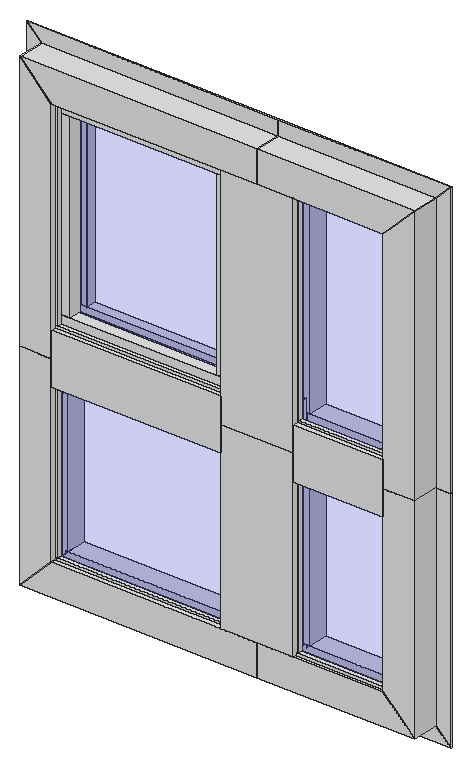
Revit family "511_PC-AT_nailfin", category Windows, host Wall, Revit 2016
Family settings
  Host = Wall
  OmniClass Number = 23.30.20.00
  OmniClass Title = Windows
  Always vertical = Yes
  Cut with Voids When Loaded = No
  Shared = No
  Room Calculation Point = No
Parameters (values of type "30x36")
  MLW4 = 1 / 8 * (Width - VBS)  # 1 1/2"
  MLW2 = 2.811"
  MLW1 = 3.249"
  MLW3 = 1 / 8 * (Height - HBS)  # 2 1/32"
  MLH = 1 / 2 * HBS  # 9 7/8"
  VBS = 18"
  Interior Color [instance] = White
  Height = 36"
  Exterior Color [instance] = White
  Default Sill Height = 31.49606"
  Wall Closure = By host
  Width = 30"
  HBS = 19 3/4"
Reference planes (in)
  plane 1 "Center (Front/Back)": y = 0
  plane 2 "Center (Left/Right)": x = 0
  plane 3 "Left": x = -15
  plane 4 "Right": x = 15
  plane 5 "Sill": z = 31.49606
  plane 6 "Head": z = 67.49606
  plane 7 "Exterior": y = 3.93701
  plane 8 "Interior": y = -3.93701
  plane 9 "Front of wall": y = 3.93701
  plane 10 "Bar Set": z = 47.74606
  plane 11 "MD": x = 3
  plane 12: z = 33.55806
  plane 13: z = 49.37006
  plane 14: z = 46.12306
  plane 15: z = 65.43645
  plane 16: z = 50.05656
  plane 17: z = 64.74656
  plane 18: x = -12.938
  plane 19: x = 12.938
  plane 20: x = -12.2505
  plane 21: x = -0.62422
  plane 22: x = -11.7505
  plane 23: x = 5.437
  plane 24: x = 0.56372
  plane 25 "Front of glass": y = 4.21901
Forms (in)
  Extrusion 1, solid, material "White" <- "Interior Color"
    sketch origin (3, 0, 0) x (0, 0, 1) y (0, 1, 0)
      loop
        line (33.87106, 1.88701) -> (33.87106, 2.26201) -> (34.05906, 2.26201) -> (34.05806, 2.51251) -> (33.55806, 2.51251) -> (33.55806, 3.25701) -> (34.06142, 3.25701) -> (34.06142, 4.78995) -> (32.14816, 4.78995) -> (32.06425, 5.38701) -> (31.47606, 5.38701) -> (31.47606, 5.26201) -> (31.51606, 5.26201) -> (31.51606, 5.10865) -> (31.49606, 5.07401) -> (31.49606, 4.01201) -> (30.37106, 4.01201) -> (30.37106, 3.93701) -> (31.49606, 3.93701) -> (31.49606, 1.88701) -> (33.87106, 1.88701)
    from 0 to 19.125
  Extrusion 2, solid, material "White" <- "Interior Color"
    sketch origin (15, 0, 0) x (0, -1, 0) y (0, 0, 1)
      loop
        line (-4.78995, 34.06142) -> (-4.78995, 32.14816) -> (-5.38701, 32.06425) -> (-5.38701, 31.47606) -> (-5.26201, 31.47606) -> (-5.26201, 31.51606) -> (-5.10865, 31.51606) -> (-5.07401, 31.49606) -> (-4.01201, 31.49606) -> (-4.01201, 30.37106) -> (-3.93701, 30.37106) -> (-3.93701, 31.49606) -> (-1.88701, 31.49606) -> (-1.88701, 33.87106) -> (-2.12324, 33.87106) -> (-2.12324, 34.05962) -> (-2.51251, 34.05806) -> (-2.51251, 33.55806) -> (-3.25701, 33.55806) -> (-3.25701, 34.06142) -> (-4.78995, 34.06142)
    from -1.125 to 12
  Extrusion 3, solid, material "White" <- "Interior Color"
    sketch origin (0, 0, 31.49606) x (0, -1, 0) y (1, 0, 0)
      loop
        line (-4.01201, -15) -> (-4.01201, -16.125) -> (-3.93701, -16.125) -> (-3.93701, -15) -> (-1.88701, -15) -> (-1.88701, -12.625) -> (-2.26201, -12.625) -> (-2.26201, -12.437) -> (-2.51251, -12.437) -> (-2.51251, -12.938) -> (-3.25701, -12.938) -> (-3.25701, -12.43465) -> (-4.78995, -12.43465) -> (-4.78995, -14.3479) -> (-5.38701, -14.43181) -> (-5.38701, -15.02) -> (-5.26201, -15.02) -> (-5.26201, -14.98) -> (-5.10257, -14.98) -> (-5.07401, -15) -> (-4.01201, -15)
    from -1.125 to 16.25
  Extrusion 4, solid, material "White" <- "Interior Color"
    sketch origin (0, 0, 31.49606) x (0, -1, 0) y (1, 0, 0)
      loop
        line (-4.78995, 14.3479) -> (-4.78995, 12.43388) -> (-3.25701, 12.43388) -> (-3.25701, 12.938) -> (-2.51251, 12.938) -> (-2.51251, 12.438) -> (-2.26201, 12.438) -> (-2.26201, 12.625) -> (-1.88701, 12.625) -> (-1.88701, 15) -> (-3.93701, 15) -> (-3.93701, 16.125) -> (-4.01201, 16.125) -> (-4.01201, 15) -> (-5.07401, 15) -> (-5.10257, 14.98) -> (-5.26201, 14.98) -> (-5.26201, 15.02) -> (-5.38701, 15.02) -> (-5.38701, 14.43181) -> (-4.78995, 14.3479)
    from -1.125 to 16.25
  Sweep 5, void
    path in 3D
      loop
        line (11.89445, 8.88043, 47.74606) -> (11.89445, 3.93701, 47.74606)
    profile origin (11.89445, 6.40872, 47.74606) x (1, 0, 0) y (0, 0, 1)
      loop
        line (-0.96264, 2.7495) -> (-0.96264, -2.12731) -> (2.45345, -2.12731) -> (2.45345, -0.21078) -> (2.53736, -0.12687) -> (2.53736, 0.1307) -> (0.48105, 2.18701) -> (0.48105, 2.7495) -> (-0.96264, 2.7495)
  Sweep 6, void
    path in 3D
      loop
        line (-9.04638, 8.55906, 47.74606) -> (-9.04638, 3.93701, 47.74606)
    profile origin (-9.04638, 6.24804, 47.74606) x (1, 0, 0) y (0, 0, 1)
      loop
        line (-5.30152, 2.12678) -> (-5.30152, -2.12721) -> (-3.29917, -2.12721) -> (-3.29917, 2.12678) -> (-5.30152, 2.12678)
  Sweep 7, void
    path in 3D
      loop
        line (-10.10379, 8.75385, 31.49606) -> (-10.10379, 3.93701, 31.49606)
    profile origin (-10.10379, 6.34543, 31.49606) x (1, 0, 0) y (0, 0, 1)
      loop
        line (-6.25297, -1.35676) -> (-1.915, -1.35676) -> (-1.915, 2.56535) -> (-4.24411, 2.56535) -> (-4.24411, 0.6521) -> (-6.25297, -1.35676)
  Sweep 8, void
    path in 3D
      loop
        line (-10.10379, 8.75385, 31.49606) -> (-10.10379, 3.93701, 31.49606)
    profile origin (-10.10379, 6.34543, 31.49606) x (1, 0, 0) y (0, 0, 1)
      loop
        line (-6.40009, -1.50388) -> (-4.24411, 0.6521) -> (-4.24411, 3.1521) -> (-6.40009, 3.1521) -> (-6.40009, -1.50388)
  Sweep 9, void
    path in 3D
      loop
        line (3.52238, 8.88043, 31.49606) -> (3.52238, 3.93701, 31.49606)
    profile origin (3.52238, 6.40872, 31.49606) x (1, 0, 0) y (0, 0, 1)
      loop
        line (3.18543, 2.56535) -> (0.50472, 2.56535) -> (0.50472, 0.56819) -> (-1.54948, 0.56819) -> (-1.54948, 2.56535) -> (-4.81457, 2.56535) -> (-4.81457, -2.18465) -> (3.18543, -2.18465) -> (3.18543, 2.56535)
  Sweep 10, void
    path in 3D
      loop
        line (11.14445, 9.10453, 31.49606) -> (11.14445, 3.93701, 31.49606)
    profile origin (11.14445, 6.52077, 31.49606) x (1, 0, 0) y (0, 0, 1)
      loop
        line (0.84583, 2.56535) -> (0.84583, -1.24027) -> (5.09583, -1.24027) -> (3.28736, 0.56819) -> (3.20345, 0.56819) -> (3.20345, 2.56535) -> (0.84583, 2.56535)
  Sweep 11, void
    path in 3D
      loop
        line (11.14445, 9.10453, 31.49606) -> (11.14445, 3.93701, 31.49606)
    profile origin (11.14445, 6.52077, 31.49606) x (1, 0, 0) y (0, 0, 1)
      loop
        line (3.28736, 3.06535) -> (3.28736, 0.56819) -> (5.40868, -1.55313) -> (5.40868, 3.06535) -> (3.28736, 3.06535)
  Extrusion 12, void
    sketch origin (0, 3.93701, 0) x (1, 0, 0) y (0, 0, 1)
      loop
        line (12.625, 33.87106) -> (16.55313, 29.94293) -> (16.55313, 34.25889) -> (12.625, 34.25889) -> (12.625, 33.87106)
    from 0 to 12
  Extrusion 13, void
    sketch origin (0, 3.93701, 0) x (1, 0, 0) y (0, 0, 1)
      loop
        line (12.625, 33.87106) -> (12.625, 34.05906) -> (11.875, 34.05906) -> (11.875, 29.7824) -> (16.71366, 29.7824) -> (12.625, 33.87106)
    from 0 to 12
  Extrusion 14, void
    sketch origin (0, 3.93701, 0) x (1, 0, 0) y (0, 0, 1)
      loop
        line (-12.00903, 34.05906) -> (-12.625, 34.05906) -> (-12.625, 33.87106) -> (-16.35676, 30.13931) -> (-12.00903, 30.13931) -> (-12.00903, 34.05906)
    from 0 to 12
  Extrusion 15, void
    sketch origin (0, 3.93701, 0) x (1, 0, 0) y (0, 0, 1)
      loop
        line (-12.625, 34.46941) -> (-17.2487, 34.46941) -> (-17.2487, 29.24736) -> (-12.625, 33.87106) -> (-12.625, 34.46941)
    from 0 to 12
  Extrusion 16, solid, material "Glass"
    sketch origin (0, 0.962, 47.74606) x (1, 0, 0) y (0, 1, 0)
      loop
        line (0.56372, 3.25701) -> (-12.2505, 3.25701) -> (-12.2505, 2.51251) -> (0.56372, 2.51251) -> (0.56372, 3.25701)
    from 2.3105 to 17.0005
  Extrusion 17, solid, material "Glass"
    sketch origin (0, -0.962, 47.74606) x (1, 0, 0) y (0, 1, 0)
      loop
        line (12.938, 4.21901) -> (5.437, 4.21901) -> (5.437, 3.47451) -> (12.938, 3.47451) -> (12.938, 4.21901)
    from 1.624 to 17.69039
  Extrusion 18, solid, material "Glass"
    sketch origin (0, 0, 31.49606) x (0, -1, 0) y (1, 0, 0)
      loop
        line (-3.25701, -12.938) -> (-2.51251, -12.938) -> (-2.51251, 0.56372) -> (-3.25701, 0.56372) -> (-3.25701, -12.938)
    from 2.062 to 14.627
  Extrusion 19, solid, material "Glass"
    sketch origin (0, 0, 31.49606) x (0, -1, 0) y (1, 0, 0)
      loop
        line (-3.25701, 5.437) -> (-2.51251, 5.437) -> (-2.51251, 12.938) -> (-3.25701, 12.938) -> (-3.25701, 5.437)
    from 2.062 to 14.627
  Extrusion 20, solid, material "White" <- "Interior Color"
    sketch origin (0, 0, 67.49606) x (0, -1, 0) y (1, 0, 0)
      loop
        line (-4.25701, -11.8125) -> (-4.99701, -11.8125) -> (-4.99701, -12.3755) -> (-5.03701, -12.3755) -> (-5.03701, -14.38262) -> (-5.38701, -14.43181) -> (-5.38701, -15.02) -> (-5.26201, -15.02) -> (-5.26201, -14.98) -> (-5.10257, -14.98) -> (-5.07401, -15) -> (-4.01201, -15) -> (-4.01201, -16.125) -> (-3.93701, -16.125) -> (-3.93701, -15) -> (-1.88766, -15) -> (-1.88766, -12.625) -> (-2.26201, -12.625) -> (-2.26201, -12.437) -> (-2.51251, -12.437) -> (-2.51251, -11.7505) -> (-3.47451, -11.7505) -> (-3.47451, -12.2505) -> (-4.21901, -12.2505) -> (-4.21901, -11.7882) -> (-4.25701, -11.8125)
    from 1.125 to -19.75
  Extrusion 21, solid, material "White" <- "Interior Color"
    sketch origin (0, 0, 67.49606) x (0, -1, 0) y (1, 0, 0)
      loop
        line (-5.26201, 14.98) -> (-5.26201, 15.02) -> (-5.38701, 15.02) -> (-5.38701, 14.43181) -> (-4.78995, 14.3479) -> (-4.78995, 12.43465) -> (-3.25701, 12.43465) -> (-3.25701, 12.938) -> (-2.51251, 12.938) -> (-2.51251, 12.43465) -> (-2.26201, 12.43465) -> (-2.26201, 12.625) -> (-1.88701, 12.625) -> (-1.88701, 15) -> (-3.93701, 15) -> (-3.93701, 16.125) -> (-4.01201, 16.125) -> (-4.01201, 15) -> (-5.07401, 15) -> (-5.10865, 14.98) -> (-5.26201, 14.98)
    from 1.125 to -19.75
  Extrusion 22, solid, material "White" <- "Interior Color"
    sketch origin (3, 0, 0) x (0, 0, 1) y (0, 1, 0)
      loop
        line (49.93307, 5.03701) -> (47.92544, 5.03701) -> (47.8875, 5.30701) -> (47.60463, 5.30701) -> (47.53197, 4.78999) -> (45.61876, 4.78999) -> (45.61876, 3.25701) -> (46.12306, 3.25701) -> (46.12306, 2.51251) -> (45.62206, 2.51251) -> (45.62089, 2.26201) -> (45.80906, 2.26201) -> (45.80906, 1.88701) -> (49.68306, 1.88701) -> (49.68306, 2.26201) -> (49.87106, 2.26201) -> (49.87106, 2.58701) -> (50.4819, 2.58701) -> (50.4819, 3.47451) -> (50.05656, 3.47451) -> (50.05656, 4.21901) -> (50.51986, 4.21901) -> (50.49556, 4.25701) -> (50.49556, 4.99701) -> (49.93307, 4.99701) -> (49.93307, 5.03701)
    from 0 to 18
  Extrusion 23, solid, material "White" <- "Interior Color"
    sketch origin (3, 0, 0) x (0, 0, 1) y (0, 1, 0)
      loop
        line (66.87868, 5.03701) -> (64.87156, 5.03701) -> (64.87156, 4.99701) -> (64.30847, 4.99701) -> (64.30847, 4.25691) -> (64.28424, 4.21901) -> (64.74656, 4.21901) -> (64.74656, 3.47451) -> (64.24656, 3.47451) -> (64.24656, 2.58701) -> (64.93306, 2.58701) -> (64.93306, 2.26201) -> (65.12106, 2.26201) -> (65.12106, 1.88701) -> (67.49606, 1.88701) -> (67.49606, 3.93701) -> (68.62106, 3.93701) -> (68.62106, 4.01201) -> (67.49606, 4.01201) -> (67.49606, 5.07401) -> (67.47606, 5.09784) -> (67.47606, 5.26201) -> (67.51606, 5.26201) -> (67.51606, 5.38701) -> (66.92787, 5.38701) -> (66.87868, 5.03701)
    from 19.125 to 0
  Extrusion 24, solid, material "White" <- "Interior Color"
    sketch origin (3, 0, 0) x (0, 0, 1) y (0, 1, 0)
      loop
        line (49.87285, 3.25701) -> (49.87285, 4.78999) -> (47.96017, 4.78999) -> (47.8875, 5.30701) -> (47.60463, 5.30701) -> (47.53195, 4.78988) -> (45.61885, 4.78988) -> (45.61885, 3.25701) -> (46.12306, 3.25701) -> (46.12306, 2.51251) -> (45.62206, 2.51251) -> (45.62206, 2.26201) -> (45.80906, 2.26201) -> (45.80906, 1.88701) -> (49.68306, 1.88701) -> (49.68306, 2.26201) -> (49.87106, 2.26201) -> (49.87006, 2.51251) -> (49.37006, 2.51251) -> (49.37006, 3.25701) -> (49.87285, 3.25701)
    from 0 to -12
  Extrusion 25, solid, material "White" <- "Interior Color"
    sketch origin (3, 0, 0) x (0, 0, 1) y (0, 1, 0)
      loop
        line (65.43645, 2.51251) -> (64.93406, 2.51251) -> (64.93306, 2.26201) -> (65.12106, 2.26201) -> (65.12106, 1.88701) -> (67.49606, 1.88701) -> (67.49606, 3.93701) -> (68.62106, 3.93701) -> (68.62106, 4.01201) -> (67.49606, 4.01201) -> (67.49606, 5.07401) -> (67.47606, 5.10865) -> (67.47606, 5.26201) -> (67.51606, 5.26201) -> (67.51606, 5.38701) -> (66.92787, 5.38701) -> (66.84396, 4.78995) -> (64.93071, 4.78995) -> (64.93071, 3.25701) -> (65.43645, 3.25701) -> (65.43645, 2.51251)
    from 0 to -13.125
  Sweep 26, void
    path in 3D
      loop
        line (10.65964, 9.24338, 67.49606) -> (10.65964, 3.93701, 67.49606)
    profile origin (10.65964, 6.59019, 67.49606) x (1, 0, 0) y (0, 0, 1)
      loop
        line (1.55958, -2.562) -> (3.68826, -2.562) -> (3.68826, -0.6521) -> (5.80958, 1.46922) -> (1.55958, 1.46922) -> (1.55958, -2.562)
  Sweep 27, void
    path in 3D
      loop
        line (10.65964, 9.24338, 67.49606) -> (10.65964, 3.93701, 67.49606)
    profile origin (10.65964, 6.59019, 67.49606) x (1, 0, 0) y (0, 0, 1)
      loop
        line (6.18826, 1.8479) -> (3.68826, -0.6521) -> (3.68826, -2.6521) -> (6.18826, -2.6521) -> (6.18826, 1.8479)
  Sweep 28, void
    path in 3D
      loop
        line (11.89445, 8.88043, 47.74606) -> (11.89445, 3.93701, 47.74606)
    profile origin (11.89445, 6.40872, 47.74606) x (1, 0, 0) y (0, 0, 1)
      loop
        line (-0.32058, 2.124) -> (-0.32058, -2.124) -> (2.45345, -2.124) -> (2.45345, 2.124) -> (-0.32058, 2.124)
  Sweep 29, void
    path in 3D
      loop
        line (11.89445, 8.88043, 47.74606) -> (11.89445, 3.93701, 47.74606)
    profile origin (11.89445, 6.40872, 47.74606) x (1, 0, 0) y (0, 0, 1)
      loop
        line (2.76464, -2.9053) -> (6.26464, -2.9053) -> (6.26464, 3.8447) -> (2.76464, 3.8447) -> (2.76464, -2.9053)
  Sweep 30, void
    path in 3D
      loop
        line (-9.04638, 8.55906, 47.74606) -> (-9.04638, 3.93701, 47.74606)
    profile origin (-9.04638, 6.24804, 47.74606) x (1, 0, 0) y (0, 0, 1)
      loop
        line (-3.32912, 2.1865) -> (-5.33624, 0.17938) -> (-5.33624, 0) -> (-2.33624, 0) -> (-2.33624, 2.7495) -> (-3.32912, 2.7495) -> (-3.32912, 2.1865)
  Sweep 31, void
    path in 3D
      loop
        line (-9.04638, 8.55906, 47.74606) -> (-9.04638, 3.93701, 47.74606)
    profile origin (-9.04638, 6.24804, 47.74606) x (1, 0, 0) y (0, 0, 1)
      loop
        line (-5.38543, 0.13019) -> (-3.32912, 2.1865) -> (-3.32912, 3.60292) -> (-6.18293, 3.60292) -> (-6.18293, -2.36981) -> (-5.38543, -2.36981) -> (-5.38543, 0.13019)
  Sweep 32, void
    path in 3D
      loop
        line (-10.92648, 8.93799, 67.49606) -> (-10.92648, 3.93701, 67.49606)
    profile origin (-10.92648, 6.4375, 67.49606) x (1, 0, 0) y (0, 0, 1)
      loop
        line (-5.41083, 1.33731) -> (-1.44902, -2.6245) -> (-1.44902, -3.18759) -> (0, -3.18759) -> (0, 1.33731) -> (-5.41083, 1.33731)
  Sweep 33, void
    path in 3D
      loop
        line (-10.92648, 8.93799, 67.49606) -> (-10.92648, 3.93701, 67.49606)
    profile origin (-10.92648, 6.4375, 67.49606) x (1, 0, 0) y (0, 0, 1)
      loop
        line (-5.94902, 1.8755) -> (-5.94902, -4.19924) -> (-1.44902, -4.19924) -> (-1.44902, -2.6245) -> (-5.94902, 1.8755)
  Extrusion 34, void
    sketch origin (0, 3.93701, 0) x (1, 0, 0) y (0, 0, 1)
      loop
        line (-16.437, 68.93306) -> (-12.625, 65.12106) -> (-12.625, 64.93306) -> (-12.437, 64.93306) -> (-12.437, 64.24656) -> (-10.92648, 64.24656) -> (-10.92648, 68.93306) -> (-16.437, 68.93306)
    from 0 to 12
  Extrusion 35, void
    sketch origin (0, 3.93701, 0) x (1, 0, 0) y (0, 0, 1)
      loop
        line (-16.375, 68.87106) -> (-16.375, 63.21601) -> (-12.625, 63.21601) -> (-12.625, 65.12106) -> (-16.375, 68.87106)
    from 0 to 12
  Extrusion 36, void
    sketch origin (0, 3.93701, 0) x (1, 0, 0) y (0, 0, 1)
      loop
        line (16.75, 69.24606) -> (12.09958, 69.24606) -> (12.09958, 64.93306) -> (12.625, 64.93306) -> (12.625, 65.12106) -> (16.75, 69.24606)
    from 0 to 12
  Extrusion 37, void
    sketch origin (0, 3.93701, 0) x (1, 0, 0) y (0, 0, 1)
      loop
        line (16.37203, 68.8681) -> (12.625, 65.12106) -> (12.625, 63.12106) -> (16.37203, 63.12106) -> (16.37203, 68.8681)
    from 0 to 12
  Extrusion 38, void
    sketch origin (0, 3.93701, 0) x (1, 0, 0) y (0, 0, 1)
      loop
        line (11.89445, 49.87106) -> (11.89445, 45.62206) -> (12.625, 45.62206) -> (12.625, 49.87106) -> (11.89445, 49.87106)
    from 0 to 12
  Extrusion 39, void
    sketch origin (0, 3.93701, 0) x (1, 0, 0) y (0, 0, 1)
      loop
        line (12.625, 45.08338) -> (15.54615, 45.08338) -> (15.54615, 50.4819) -> (12.625, 50.4819) -> (12.625, 45.08338)
    from 0 to 12
  Extrusion 40, void
    sketch origin (0, 3.93701, 0) x (1, 0, 0) y (0, 0, 1)
      loop
        line (-11.10627, 50.55756) -> (-12.437, 50.55756) -> (-12.437, 49.87106) -> (-12.625, 49.87106) -> (-12.625, 45.62089) -> (-11.10627, 45.62089) -> (-11.10627, 50.55756)
    from 0 to 12
  Extrusion 41, void
    sketch origin (0, 3.93701, 0) x (1, 0, 0) y (0, 0, 1)
      loop
        line (-12.625, 44.78016) -> (-12.625, 50.28016) -> (-16.375, 50.28016) -> (-16.375, 44.78016) -> (-12.625, 44.78016)
    from 0 to 12
  Extrusion 42, solid, material "White" <- "Interior Color"
    sketch origin (0, 0, 47.74606) x (1, 0, 0) y (0, 1, 0)
      loop
        line (5.75053, 2.26201) -> (5.93728, 2.26201) -> (5.93728, 2.51251) -> (5.437, 2.51251) -> (5.437, 3.25701) -> (5.94063, 3.25701) -> (5.94063, 4.78995) -> (4.02738, 4.78995) -> (3.94291, 5.38701) -> (2.05709, 5.38701) -> (2.00818, 5.03901) -> (0.00019, 5.03901) -> (0.00019, 4.99701) -> (-0.56222, 4.99701) -> (-0.56222, 4.25701) -> (-0.58652, 4.21901) -> (0.56372, 4.21901) -> (0.56372, 3.47451) -> (-0.62422, 3.47451) -> (-0.62422, 2.58667) -> (0.05965, 2.58667) -> (0.05965, 2.26201) -> (0.25028, 2.26201) -> (0.25028, 1.88701) -> (5.75053, 1.88701) -> (5.75053, 2.26201)
    from 0 to 19.75
  Sweep 43, void
    path in 3D
      loop
        line (2.21868, 8.7863, 47.74606) -> (2.21868, 3.93701, 47.74606)
    profile origin (2.21868, 6.36165, 47.74606) x (1, 0, 0) y (0, 0, 1)
      loop
        line (-2.21849, 2.18709) -> (-2.21849, 2.7495) -> (-3.66159, 2.7495) -> (-3.66159, -2.12731) -> (-0.24578, -2.12731) -> (-0.24578, -0.22562) -> (-0.16159, -0.14143) -> (-0.16159, 0.13019) -> (-2.21849, 2.18709)
  Sweep 44, void
    path in 3D
      loop
        line (2.21868, 8.7863, 47.74606) -> (2.21868, 3.93701, 47.74606)
    profile origin (2.21868, 6.36165, 47.74606) x (1, 0, 0) y (0, 0, 1)
      loop
        line (-2.21849, 2.18709) -> (-0.16159, 0.13019) -> (-0.16159, 3.03017) -> (-2.21849, 3.03017) -> (-2.21849, 2.18709)
  Sweep 45, void
    path in 3D
      loop
        line (2.21868, 8.7863, 47.74606) -> (2.21868, 3.93701, 47.74606)
    profile origin (2.21868, 6.36165, 47.74606) x (1, 0, 0) y (0, 0, 1)
      loop
        line (4.8087, 2.12678) -> (1.8087, 2.12678) -> (1.8087, -2.12721) -> (4.8087, -2.12721) -> (4.8087, 2.12678)
  Sweep 46, void
    path in 3D
      loop
        line (-1.3166, 9.24338, 67.49606) -> (-1.3166, 3.93701, 67.49606)
    profile origin (-1.3166, 6.59019, 67.49606) x (1, 0, 0) y (0, 0, 1)
      loop
        line (0.01307, -3.18759) -> (1.31678, -3.18759) -> (1.31678, -2.6245) -> (3.40134, -0.53994) -> (0.01307, -0.53994) -> (0.01307, -3.18759)
  Extrusion 47, void
    sketch origin (0, 3.93701, 0) x (1, 0, 0) y (0, 0, 1)
      loop
        line (-1.62422, 64.24656) -> (0.05965, 64.24656) -> (0.05965, 64.93306) -> (0.25028, 64.93306) -> (0.25028, 65.12106) -> (5.75053, 65.12106) -> (5.75053, 64.93306) -> (7.10648, 64.93306) -> (7.10648, 69.43306) -> (-1.62422, 69.43306) -> (-1.62422, 64.24656)
    from 0 to 12
  Extrusion 48, void
    sketch origin (0, 3.93701, 0) x (1, 0, 0) y (0, 0, 1)
      loop
        line (-1.12422, 50.55756) -> (-1.12422, 45.61876) -> (0.25028, 45.61876) -> (0.25028, 49.87106) -> (0.05965, 49.87106) -> (0.05965, 50.55756) -> (-1.12422, 50.55756)
    from 0 to 12
  Extrusion 49, void
    sketch origin (0, 3.93701, 0) x (1, 0, 0) y (0, 0, 1)
      loop
        line (5.75053, 49.87106) -> (5.75053, 45.62206) -> (9.23158, 45.62206) -> (9.23158, 49.87106) -> (5.75053, 49.87106)
    from 0 to 12
  Extrusion 50, void
    sketch origin (0, 3.93701, 0) x (1, 0, 0) y (0, 0, 1)
      loop
        line (0.25028, 50.88526) -> (0.25028, 45.04213) -> (5.75, 45.04213) -> (5.75, 50.88526) -> (0.25028, 50.88526)
    from 0 to 12
  Sweep 51, void
    path in 3D
      loop
        line (-1.3166, 9.24338, 67.49606) -> (-1.3166, 3.93701, 67.49606)
    profile origin (-1.3166, 6.59019, 67.49606) x (1, 0, 0) y (0, 0, 1)
      loop
        line (1.31678, -2.62511) -> (1.31678, -3.43273) -> (3.37368, -3.43273) -> (3.37368, -0.56821) -> (1.31678, -2.62511)
  Sweep 52, void
    path in 3D
      loop
        line (-1.3166, 9.24338, 67.49606) -> (-1.3166, 3.93701, 67.49606)
    profile origin (-1.3166, 6.59019, 67.49606) x (1, 0, 0) y (0, 0, 1)
      loop
        line (7.50723, -2.56535) -> (7.50723, 1.68181) -> (0.3166, 1.68181) -> (0.3166, -0.56819) -> (5.34397, -0.56819) -> (5.34397, -2.56535) -> (7.50723, -2.56535)
  Extrusion 53, solid, material "White" <- "Interior Color"
    sketch origin (0, 0, 31.49606) x (0, -1, 0) y (1, 0, 0)
      loop
        line (-2.26201, 0.25) -> (-1.88701, 0.25) -> (-1.88701, 5.75) -> (-2.26201, 5.75) -> (-2.26201, 5.94035) -> (-2.51251, 5.94035) -> (-2.51251, 5.437) -> (-3.25701, 5.437) -> (-3.25701, 5.94035) -> (-4.78995, 5.94035) -> (-4.78995, 4.0271) -> (-5.38701, 3.94319) -> (-5.38701, 2.05681) -> (-4.78995, 1.9729) -> (-4.78995, 0.05965) -> (-3.25701, 0.05965) -> (-3.25701, 0.56372) -> (-2.51251, 0.56372) -> (-2.51251, 0.05965) -> (-2.26201, 0.05965) -> (-2.26201, 0.25)
    from 0 to 16.25
  Extrusion 54, void
    sketch origin (0, 3.93701, 0) x (1, 0, 0) y (0, 0, 1)
      loop
        line (0.25, 33.87106) -> (0.25, 34.05906) -> (0.05965, 34.05906) -> (0.05965, 27.86626) -> (5.94035, 27.86626) -> (5.94035, 34.05962) -> (5.75, 34.05962) -> (5.75, 33.87106) -> (0.25, 33.87106)
    from 0 to 12
Cuts and joins
  Sweep 5, Sweep 10, Extrusion 13, Sweep 28, Extrusion 38 cuts Extrusion 4
  Sweep 6, Sweep 7, Extrusion 14, Sweep 30, Extrusion 40 cuts Extrusion 3
  Sweep 8, Extrusion 15 cuts Extrusion 1
  Sweep 11, Extrusion 12 cuts Extrusion 2
  Sweep 33, Extrusion 35, Sweep 51 cuts Extrusion 23
  Sweep 26, Sweep 28, Extrusion 36, Extrusion 38 cuts Extrusion 21
  Sweep 27, Extrusion 37 cuts Extrusion 25
  Sweep 29, Extrusion 39, Extrusion 50 cuts Extrusion 24
  Sweep 31, Extrusion 41, Sweep 44, Extrusion 50 cuts Extrusion 22
  Sweep 30, Sweep 32, Extrusion 34, Extrusion 40 cuts Extrusion 20
  Extrusion 36, Extrusion 37, Extrusion 38, Extrusion 39, Extrusion 47, Extrusion 50 cuts Extrusion 17
  Extrusion 38, Extrusion 39 cuts Extrusion 19
  Extrusion 41, Extrusion 48 cuts Extrusion 18
  Sweep 43, Sweep 45, Sweep 46, Extrusion 47, Extrusion 48, Extrusion 49, Sweep 52 cuts Extrusion 42
  Sweep 46, Extrusion 47, Extrusion 48, Extrusion 50, Sweep 51 cuts Extrusion 16
  Sweep 9, Sweep 43, Sweep 45, Extrusion 49, Extrusion 54 cuts Extrusion 53
Lines and regions (in)
  Opening 1
    outline origin (137.79528, -3.93701, 0) x (1, 0, 0) y (0, 0, 1)
      loop
        line (-122.79528, 31.49606) -> (-122.79528, 67.49606) -> (-152.79528, 67.49606) -> (-152.79528, 31.49606) -> (-122.79528, 31.49606)
  model lines
    curve 1: line (-12.938, 2.51251, 31.49606) -> (0.312, 2.51251, 31.49606)
    curve 2: line (0.312, 2.51251, 31.49606) -> (13.812, 2.51251, 31.49606)
    curve 35: line (-0.62422, 4.21901, 64.24706) -> (-11.7505, 4.21901, 57.62106)
    curve 36: line (-11.7505, 4.21901, 57.62106) -> (-0.62422, 4.21901, 50.55706)
    curve 41: line (11.5, 3.93701, 60.12106) -> (6.5, 3.93701, 55.12106)
    curve 42: line (6.5, 3.93701, 57.62106) -> (9, 3.93701, 60.12106)
    curve 43: line (9, 3.93701, 55.12106) -> (11.5, 3.93701, 57.62106)
    curve 50: line (11.5, 3.93701, 42.12106) -> (6.5, 3.93701, 37.12106)
    curve 51: line (6.5, 3.93701, 39.62106) -> (9, 3.93701, 42.12106)
    curve 52: line (9, 3.93701, 37.12106) -> (11.5, 3.93701, 39.62106)
    curve 59: line (-3.5, 3.93701, 42.12106) -> (-8.5, 3.93701, 37.12106)
    curve 60: line (-8.5, 3.93701, 39.62106) -> (-6, 3.93701, 42.12106)
    curve 61: line (-6, 3.93701, 37.12106) -> (-3.5, 3.93701, 39.62106)
  reference lines
    curve 3: line (-10.92648, 8.93799, 67.49606) -> (-10.92648, 3.93701, 67.49606)
    curve 4: line (-10.10379, 8.75385, 31.49606) -> (-10.10379, 3.93701, 31.49606)
    curve 5: line (-9.04638, 8.55906, 47.74606) -> (-9.04638, 3.93701, 47.74606)
    curve 6: line (-1.3166, 9.24338, 67.49606) -> (-1.3166, 3.93701, 67.49606)
    curve 7: line (3.52238, 8.88043, 31.49606) -> (3.52238, 3.93701, 31.49606)
    curve 8: line (10.65964, 9.24338, 67.49606) -> (10.65964, 3.93701, 67.49606)
    curve 9: line (11.14445, 9.10453, 31.49606) -> (11.14445, 3.93701, 31.49606)
    curve 10: line (11.89445, 8.88043, 47.74606) -> (11.89445, 3.93701, 47.74606)
    curve 26: line (2.21868, 8.7863, 47.74606) -> (2.21868, 3.93701, 47.74606)
    curve 33: line (-0.62422, 3.93701, 64.24706) -> (-11.7505, 3.93701, 57.62106)
    curve 34: line (-11.7505, 3.93701, 57.62106) -> (-0.62422, 3.93701, 50.55706)
    curve 37: line (11.5, 3.93701, 60.12106) -> (6.5, 3.93701, 60.12106)
    curve 38: line (11.5, 3.93701, 55.12106) -> (11.5, 3.93701, 60.12106)
    curve 39: line (6.5, 3.93701, 55.12106) -> (11.5, 3.93701, 55.12106)
    curve 40: line (6.5, 3.93701, 60.12106) -> (6.5, 3.93701, 55.12106)
    curve 44: line (9, 3.93701, 55.12106) -> (9, 3.93701, 61.62106)
    curve 45: line (11.5, 3.93701, 57.62106) -> (4, 3.93701, 57.62106)
    curve 46: line (11.5, 3.93701, 42.12106) -> (6.5, 3.93701, 42.12106)
    curve 47: line (11.5, 3.93701, 37.12106) -> (11.5, 3.93701, 42.12106)
    curve 48: line (6.5, 3.93701, 37.12106) -> (11.5, 3.93701, 37.12106)
    curve 49: line (6.5, 3.93701, 42.12106) -> (6.5, 3.93701, 37.12106)
    curve 53: line (9, 3.93701, 37.12106) -> (9, 3.93701, 43.62106)
    curve 54: line (11.5, 3.93701, 39.62106) -> (4, 3.93701, 39.62106)
    curve 55: line (-3.5, 3.93701, 42.12106) -> (-8.5, 3.93701, 42.12106)
    curve 56: line (-3.5, 3.93701, 37.12106) -> (-3.5, 3.93701, 42.12106)
    curve 57: line (-8.5, 3.93701, 37.12106) -> (-3.5, 3.93701, 37.12106)
    curve 58: line (-8.5, 3.93701, 42.12106) -> (-8.5, 3.93701, 37.12106)
    curve 62: line (-6, 3.93701, 37.12106) -> (-6, 3.93701, 43.62106)
    curve 63: line (-3.5, 3.93701, 39.62106) -> (-11, 3.93701, 39.62106)
  sketch lines
    curve 11: line (11.89445, 8.88043, 47.74606) -> (11.89445, 3.93701, 47.74606)
    curve 12: line (-9.04638, 8.55906, 47.74606) -> (-9.04638, 3.93701, 47.74606)
    curve 13: line (-10.10379, 8.75385, 31.49606) -> (-10.10379, 3.93701, 31.49606)
    curve 14: line (-10.10379, 8.75385, 31.49606) -> (-10.10379, 3.93701, 31.49606)
    curve 15: line (3.52238, 8.88043, 31.49606) -> (3.52238, 3.93701, 31.49606)
    curve 16: line (11.14445, 9.10453, 31.49606) -> (11.14445, 3.93701, 31.49606)
    curve 17: line (11.14445, 9.10453, 31.49606) -> (11.14445, 3.93701, 31.49606)
    curve 18: line (10.65964, 9.24338, 67.49606) -> (10.65964, 3.93701, 67.49606)
    curve 19: line (10.65964, 9.24338, 67.49606) -> (10.65964, 3.93701, 67.49606)
    curve 20: line (11.89445, 8.88043, 47.74606) -> (11.89445, 3.93701, 47.74606)
    curve 21: line (11.89445, 8.88043, 47.74606) -> (11.89445, 3.93701, 47.74606)
    curve 22: line (-9.04638, 8.55906, 47.74606) -> (-9.04638, 3.93701, 47.74606)
    curve 23: line (-9.04638, 8.55906, 47.74606) -> (-9.04638, 3.93701, 47.74606)
    curve 24: line (-10.92648, 8.93799, 67.49606) -> (-10.92648, 3.93701, 67.49606)
    curve 25: line (-10.92648, 8.93799, 67.49606) -> (-10.92648, 3.93701, 67.49606)
    curve 27: line (2.21868, 8.7863, 47.74606) -> (2.21868, 3.93701, 47.74606)
    curve 28: line (2.21868, 8.7863, 47.74606) -> (2.21868, 3.93701, 47.74606)
    curve 29: line (2.21868, 8.7863, 47.74606) -> (2.21868, 3.93701, 47.74606)
    curve 30: line (-1.3166, 9.24338, 67.49606) -> (-1.3166, 3.93701, 67.49606)
    curve 31: line (-1.3166, 9.24338, 67.49606) -> (-1.3166, 3.93701, 67.49606)
    curve 32: line (-1.3166, 9.24338, 67.49606) -> (-1.3166, 3.93701, 67.49606)
Text (in)
  text "EXTERIOR" at (-77.29147, 52.45485, 0), in view "Ref. Level"
  text "INTERIOR" at (-78.01048, -32.21994, 0), in view "Ref. Level"
  text "Exterior" at (0, 36.36817, 115.8778), in view "Right"
  text "Exterior" at (0, 40.96394, 105.72475), in view "Left"
Dimensions and locks (in)
  equal spacing: plane 3 "Left", plane 2 "Center (Left/Right)", plane 4 "Right"
  "Width": plane 3 "Left" to plane 4 "Right"
  "Height": plane 5 "Sill" to plane 6 "Head"
  "Default Sill Height": plane 5 "Sill" to level
  locked: plane 7 "Exterior" to host wall at 0
  locked: plane 8 "Interior" to host wall
  "HBS": plane 10 "Bar Set" to plane 6 "Head"
  locked: plane 9 "Front of wall" to Extrusion 1 sketch curve at 2.05
  locked: Extrusion 1 sketch curve to Extrusion 1 sketch curve at 2.375
  locked: Extrusion 1 sketch curve to plane 5 "Sill" at 1.125
  locked: plane 5 "Sill" to plane 12 at 2.062
  locked: plane 14 to plane 10 "Bar Set" at 1.623
  locked: plane 13 to plane 10 "Bar Set" at 1.624
  locked: plane 15 to plane 6 "Head" at 2.05961
  locked: plane 16 to plane 10 "Bar Set" at 2.3105
  locked: plane 17 to plane 6 "Head" at 2.7495
  locked: Extrusion 2 sketch curve to plane 5 "Sill" at 1.125
  locked: plane 9 "Front of wall" to Extrusion 2 sketch curve at 2.05
  locked: Extrusion 2 sketch curve to Extrusion 2 sketch curve at 2.375
  locked: plane 3 "Left" to plane 18 at 2.062
  locked: plane 19 to plane 4 "Right" at 2.062
  locked: Extrusion 3 sketch curve to plane 9 "Front of wall" at 2.05
  locked: Extrusion 3 sketch curve to Extrusion 3 sketch curve at 2.375
  locked: Extrusion 3 sketch curve to plane 3 "Left" at 1.125
  locked: Extrusion 4 sketch curve to Extrusion 4 sketch curve at 2.375
  locked: plane 9 "Front of wall" to Extrusion 4 sketch curve at 2.05
  locked: plane 4 "Right" to Extrusion 4 sketch curve at 1.125
  Extrusion 17 sketch curve to plane 9 "Front of wall" = 1.4245"
  locked: Extrusion 18 sketch curve to plane 9 "Front of wall" at 1.4245
  locked: Extrusion 19 sketch curve to plane 9 "Front of wall" at 1.4245
  locked: Extrusion 20 sketch curve to plane 9 "Front of wall" at 2.04934
  locked: Extrusion 20 sketch curve to Extrusion 20 sketch curve at 2.375
  locked: plane 3 "Left" to Extrusion 20 sketch curve at 1.125
  locked: Extrusion 21 sketch curve to plane 9 "Front of wall" at 2.05
  locked: Extrusion 21 sketch curve to plane 4 "Right" at 1.125
  locked: Extrusion 21 sketch curve to Extrusion 21 sketch curve at 2.375
  locked: Extrusion 22 sketch curve to plane 10 "Bar Set" at 0.14143
  locked: plane 10 "Bar Set" to Extrusion 22 sketch curve at 0.14143
  locked: Extrusion 22 sketch curve to plane 10 "Bar Set" at 1.937
  locked: plane 10 "Bar Set" to Extrusion 22 sketch curve at 1.937
  locked: plane 9 "Front of wall" to Extrusion 22 sketch curve at 2.05
  locked: plane 6 "Head" to Extrusion 23 sketch curve at 1.125
  locked: plane 9 "Front of wall" to Extrusion 23 sketch curve at 2.05
  locked: Extrusion 23 sketch curve to Extrusion 23 sketch curve at 2.375
  locked: Extrusion 24 sketch curve to plane 10 "Bar Set" at 0.14143
  locked: plane 10 "Bar Set" to Extrusion 24 sketch curve at 0.14143
  locked: Extrusion 24 sketch curve to plane 10 "Bar Set" at 1.937
  locked: plane 10 "Bar Set" to Extrusion 24 sketch curve at 1.937
  locked: plane 9 "Front of wall" to Extrusion 24 sketch curve at 2.05
  locked: plane 6 "Head" to Extrusion 25 sketch curve at 1.125
  locked: plane 9 "Front of wall" to Extrusion 25 sketch curve at 2.05
  locked: Extrusion 25 sketch curve to Extrusion 25 sketch curve at 2.375
  locked: plane 3 "Left" to plane 20 at 2.7495
  locked: plane 11 "MD" to plane 21 at 3.62422
  locked: plane 22 to plane 3 "Left" at 3.2495
  "VBS": plane 3 "Left" to plane 11 "MD"
  locked: Extrusion 42 sketch curve to plane 11 "MD" at 2.74972
  locked: plane 11 "MD" to Extrusion 42 sketch curve at 2.75053
  locked: Extrusion 42 sketch curve to plane 9 "Front of wall" at 2.05
  locked: Extrusion 42 sketch curve to plane 9 "Front of wall" at 1.35034
  locked: Extrusion 42 sketch curve to plane 9 "Front of wall" at 1.675  (x2)
  locked: Extrusion 42 sketch curve to plane 11 "MD" at 0.94291
  locked: plane 11 "MD" to Extrusion 42 sketch curve at 0.94291
  locked: plane 11 "MD" to plane 23 at 2.437
  locked: plane 24 to plane 11 "MD" at 2.43628
  locked: plane 11 "MD" to Extrusion 42 sketch curve at 2.94063
  locked: plane 11 "MD" to Extrusion 42 sketch curve at 2.93728
  locked: plane 11 "MD" to Extrusion 47 sketch curve at 4.10648
  locked: Extrusion 47 sketch curve to plane 11 "MD" at 4.62422
  locked: Extrusion 50 sketch curve to plane 11 "MD" at 2.74972
  locked: plane 11 "MD" to Extrusion 50 sketch curve at 2.75
  locked: plane 11 "MD" to Extrusion 49 sketch curve at 2.75053
  locked: plane 11 "MD" to Extrusion 49 sketch curve at 6.23158
  locked: Extrusion 48 sketch curve to plane 11 "MD" at 2.74972
  locked: Extrusion 48 sketch curve to plane 11 "MD" at 2.94035
  locked: Extrusion 48 sketch curve to plane 11 "MD" at 4.12422
  locked: plane 11 "MD" to Sweep 51 sketch curve at 0.94291
  locked: plane 11 "MD" to Sweep 51 sketch curve at 2.99981
  locked: Sweep 46 sketch curve to plane 11 "MD" at 2.99981
  locked: Sweep 46 sketch curve to plane 11 "MD" at 4.30352
  locked: Sweep 46 sketch curve to plane 11 "MD" at 0.91525
  locked: Sweep 52 sketch curve to plane 11 "MD" at 3.19063
  locked: plane 11 "MD" to Sweep 52 sketch curve at 1.02738
  locked: Sweep 52 sketch curve to plane 11 "MD" at 4
  locked: Extrusion 53 sketch curve to plane 11 "MD" at 0.94319
  locked: plane 11 "MD" to Extrusion 53 sketch curve at 0.94319
  locked: plane 9 "Front of wall" to Extrusion 53 sketch curve at 2.05
  locked: plane 11 "MD" to Extrusion 53 sketch curve at 2.94035
  locked: Extrusion 53 sketch curve to plane 11 "MD" at 2.94035  (x2)
  locked: Extrusion 53 sketch curve to plane 11 "MD" at 2.75
  locked: plane 11 "MD" to Extrusion 53 sketch curve at 2.75
  locked: Extrusion 53 sketch curve to plane 9 "Front of wall" at 0.68
  locked: Sweep 43 sketch curve to plane 11 "MD" at 1.0271
  locked: plane 11 "MD" to Sweep 43 sketch curve at 0.94291
  locked: Sweep 43 sketch curve to plane 11 "MD" at 4.44291
  locked: Sweep 43 sketch curve to plane 11 "MD" at 2.99981
  "MLH": plane 10 "Bar Set" to curve 33
  "MLH": curve 34 to plane 6 "Head"
  "MLW1": curve 33 to plane 6 "Head"
  "MLW2": plane 10 "Bar Set" to curve 34
  plane 10 "Bar Set" to cut or joined group of Extrusion 22, Sweep 31, Extrusion 41, Sweep 44, Extrusion 50 = 2.7495"
  locked: plane 25 "Front of glass" to plane 9 "Front of wall" at 0.282
  equal spacing: curve 42, curve 41, curve 43
  locked: curve 38 to curve 40 at 5
  locked: curve 39 to curve 37 at 5
  equal spacing: curve 40, curve 44, curve 38
  equal spacing: curve 39, curve 45, curve 37
  equal spacing: curve 51, curve 50, curve 52
  locked: curve 47 to curve 49 at 5
  locked: curve 48 to curve 46 at 5
  equal spacing: curve 49, curve 53, curve 47
  equal spacing: curve 48, curve 54, curve 46
  equal spacing: curve 60, curve 59, curve 61
  locked: curve 56 to curve 58 at 5
  locked: curve 57 to curve 55 at 5
  equal spacing: curve 58, curve 62, curve 56
  equal spacing: curve 57, curve 63, curve 55
  equal spacing: plane 5 "Sill", curve 54, plane 10 "Bar Set"
  equal spacing: plane 11 "MD", curve 53, plane 4 "Right"
  equal spacing: plane 3 "Left", curve 62, plane 11 "MD"
  equal spacing: plane 5 "Sill", curve 63, plane 10 "Bar Set"
  equal spacing: plane 10 "Bar Set", curve 45, plane 6 "Head"
  equal spacing: plane 11 "MD", curve 44, plane 4 "Right"
  aligned and locked: plane 9 "Front of wall" to host wall
  aligned and locked: plane 5 "Sill" to Extrusion 1 sketch curve  (x2)
  aligned and locked: plane 9 "Front of wall" to Extrusion 1 sketch curve
  aligned and locked: Extrusion 1 sketch curve to plane 12
  aligned and locked: Extrusion 2 sketch curve to plane 12
  aligned and locked: plane 5 "Sill" to Extrusion 2 sketch curve  (x2)
  aligned and locked: plane 9 "Front of wall" to Extrusion 3 sketch curve
  aligned and locked: plane 3 "Left" to Extrusion 3 sketch curve  (x2)
  aligned and locked: Extrusion 3 sketch curve to plane 18
  aligned and locked: plane 4 "Right" to Extrusion 4 sketch curve  (x2)
  aligned and locked: Extrusion 4 sketch curve to plane 9 "Front of wall"
  aligned and locked: Extrusion 4 sketch curve to plane 19
  aligned and locked: Extrusion 4 to Extrusion 2  (x2)
  aligned and locked: Extrusion 1 to Extrusion 3  (x2)
  aligned and locked: plane 11 "MD" to Extrusion 2
  aligned and locked: Extrusion 1 to plane 11 "MD"
  aligned and locked: plane 10 "Bar Set" to Extrusion 3
  aligned and locked: plane 10 "Bar Set" to Extrusion 4
  aligned and locked: plane 9 "Front of wall" to curve 10
  aligned and locked: plane 9 "Front of wall" to curve 9
  aligned and locked: plane 9 "Front of wall" to curve 8
  aligned and locked: plane 9 "Front of wall" to curve 7
  aligned and locked: plane 9 "Front of wall" to curve 6
  aligned and locked: plane 9 "Front of wall" to curve 3
  aligned and locked: plane 9 "Front of wall" to curve 4
  aligned and locked: plane 9 "Front of wall" to curve 5
  aligned and locked: plane 18 to Extrusion 18 sketch curve
  aligned and locked: Extrusion 18 to plane 14
  aligned and locked: plane 12 to Extrusion 18
  aligned and locked: host wall to Extrusion 20 sketch curve
  aligned and locked: plane 3 "Left" to Extrusion 20 sketch curve  (x2)
  aligned and locked: Extrusion 20 sketch curve to plane 20
  aligned and locked: plane 4 "Right" to Extrusion 21 sketch curve  (x2)
  aligned and locked: Extrusion 21 sketch curve to plane 9 "Front of wall"
  aligned and locked: Extrusion 21 sketch curve to plane 19
  aligned and locked: Extrusion 22 sketch curve to plane 16
  aligned and locked: Extrusion 22 sketch curve to plane 14
  aligned and locked: Extrusion 23 sketch curve to plane 6 "Head"  (x2)
  aligned and locked: plane 9 "Front of wall" to Extrusion 23 sketch curve
  aligned and locked: plane 17 to Extrusion 23 sketch curve
  aligned and locked: plane 14 to Extrusion 24 sketch curve
  aligned and locked: Extrusion 24 sketch curve to plane 13
  aligned and locked: plane 15 to Extrusion 25 sketch curve
  aligned and locked: Extrusion 25 sketch curve to plane 6 "Head"  (x2)
  aligned and locked: plane 9 "Front of wall" to Extrusion 25 sketch curve
  aligned and locked: Extrusion 25 to Extrusion 21  (x2)
  aligned and locked: Extrusion 20 to Extrusion 23  (x2)
  aligned and locked: Extrusion 20 to plane 10 "Bar Set"
  aligned and locked: plane 3 "Left" to Extrusion 22
  aligned and locked: Extrusion 24 to plane 4 "Right"
  aligned and locked: Extrusion 21 to plane 10 "Bar Set"
  aligned and locked: Extrusion 23 to plane 11 "MD"
  aligned and locked: Extrusion 22 to plane 11 "MD"
  aligned and locked: Extrusion 19 to plane 19
  aligned and locked: Extrusion 17 to plane 19
  aligned and locked: plane 20 to Extrusion 16 sketch curve
  aligned and locked: Extrusion 16 to plane 16
  aligned and locked: Extrusion 16 to plane 17
  aligned and locked: Extrusion 17 to plane 15
  aligned and locked: plane 13 to Extrusion 17
  aligned and locked: Extrusion 19 to plane 14
  aligned and locked: plane 12 to Extrusion 19
  aligned and locked: Extrusion 42 sketch curve to plane 23
  aligned and locked: plane 23 to cut or joined group of Extrusion 17, Extrusion 36, Extrusion 37, Extrusion 38, Extrusion 39, Extrusion 47, Extrusion 50
  aligned and locked: plane 23 to cut or joined group of Extrusion 19, Extrusion 38, Extrusion 39
  aligned and locked: cut or joined group of Extrusion 18, Extrusion 41, Extrusion 48 to plane 24
  aligned and locked: plane 24 to Extrusion 42 sketch curve
  aligned and locked: Extrusion 16 to plane 24
  aligned and locked: Extrusion 42 to plane 6 "Head"
  aligned and locked: Extrusion 42 to plane 10 "Bar Set"
  aligned and locked: plane 9 "Front of wall" to curve 26
  aligned and locked: Extrusion 47 sketch curve to cut or joined group of Extrusion 42, Sweep 43, Sweep 45, Sweep 46, Extrusion 47, Extrusion 48, Extrusion 49, Sweep 52  (x3)
  aligned and locked: plane 23 to Extrusion 53 sketch curve
  aligned and locked: plane 5 "Sill" to Extrusion 53
  aligned and locked: plane 10 "Bar Set" to Extrusion 53
  aligned and locked: plane 22 to curve 33
  aligned and locked: plane 22 to curve 34
  aligned and locked: plane 21 to curve 33
  aligned and locked: plane 21 to curve 34
  aligned and locked: curve 34 to curve 36
  aligned and locked: curve 33 to curve 35
  aligned and locked: curve 37 to curve 40
  aligned and locked: curve 40 to curve 40
  aligned and locked: curve 38 to curve 38
  aligned and locked: curve 40 to curve 41
  aligned and locked: curve 41 to curve 37
  aligned and locked: curve 37 to curve 42
  aligned and locked: curve 40 to curve 42
  aligned and locked: curve 39 to curve 43
  aligned and locked: curve 38 to curve 43
  aligned and locked: curve 46 to curve 49
  aligned and locked: curve 49 to curve 49
  aligned and locked: curve 47 to curve 47
  aligned and locked: curve 49 to curve 50
  aligned and locked: curve 50 to curve 46
  aligned and locked: curve 46 to curve 51
  aligned and locked: curve 49 to curve 51
  aligned and locked: curve 48 to curve 52
  aligned and locked: curve 47 to curve 52
  aligned and locked: curve 55 to curve 58
  aligned and locked: curve 58 to curve 58
  aligned and locked: curve 56 to curve 56
  aligned and locked: curve 58 to curve 59
  aligned and locked: curve 59 to curve 55
  aligned and locked: curve 55 to curve 60
  aligned and locked: curve 58 to curve 60
  aligned and locked: curve 57 to curve 61
  aligned and locked: curve 56 to curve 61
  aligned and locked: plane 24 to Extrusion 53 sketch curve
  aligned and locked: Extrusion 54 sketch curve to cut or joined group of Sweep 9, Sweep 43, Sweep 45, Extrusion 49, Extrusion 53, Extrusion 54  (x3)
  aligned and locked: Extrusion 54 sketch curve to cut or joined group of Extrusion 1, Sweep 8, Extrusion 15
  aligned and locked: cut or joined group of Extrusion 1, Sweep 8, Extrusion 15 to Extrusion 54 sketch curve
  aligned and locked: Extrusion 54 sketch curve to cut or joined group of Extrusion 2, Sweep 11, Extrusion 12
  aligned and locked: cut or joined group of Sweep 9, Sweep 43, Sweep 45, Extrusion 49, Extrusion 53, Extrusion 54 to Extrusion 54 sketch curve
Automatic sketch dimensions
  curve 3 to plane 18 = 2.01152"
  host wall to curve 3 = 5.00098"
  host wall to curve 6 = 5.30637"
  host wall to curve 8 = 5.30637"
  curve 4 to plane 18 = 2.83421"
  host wall to curve 4 = 4.81684"
  curve 7 to plane 11 "MD" = 0.52238"
  host wall to curve 7 = 4.94342"
  host wall to curve 9 = 5.16752"
  profile plane to Sweep 5 sketch curve = 0.96264"
  Sweep 5 sketch curve to profile plane = 0.48105"
  profile plane to Sweep 5 sketch curve = 0.1307"
  Sweep 5 sketch curve to profile plane = 2.53736"
  Sweep 5 sketch curve to profile plane = 2.12731"
  profile plane to Sweep 5 sketch curve = 2.18701"
  Sweep 5 sketch curve to Sweep 5 sketch curve = 9/16"
  Sweep 5 sketch curve to profile plane = 0.21078"
  Sweep 5 sketch curve to Sweep 5 sketch curve = 0.08391"
  Sweep 5 sketch curve to profile plane = 0.12687"
  profile plane to Sweep 6 sketch curve = 3.29917"
  Sweep 6 sketch curve to profile plane = 2.12721"
  profile plane to Sweep 6 sketch curve = 2.12678"
  Sweep 6 sketch curve to Sweep 6 sketch curve = 2.00235"
  profile plane to Sweep 7 sketch curve = 4.24411"
  profile plane to Sweep 7 sketch curve = 1.915"
  profile plane to Sweep 7 sketch curve = 0.6521"
  profile plane to Sweep 7 sketch curve = 2.56535"
  Sweep 7 sketch curve to Sweep 7 sketch curve = 2.00886"
  Sweep 7 sketch curve to profile plane = 1.35676"
  profile plane to Sweep 8 sketch curve = 4.24411"
  profile plane to Sweep 8 sketch curve = 0.6521"
  Sweep 8 sketch curve to Sweep 8 sketch curve = 2 1/2"
  Sweep 8 sketch curve to Sweep 8 sketch curve = 2.15598"
  Sweep 8 sketch curve to profile plane = 1.50388"
  Sweep 9 sketch curve to profile plane = 2.18465"
  profile plane to Sweep 9 sketch curve = 4.81457"
  profile plane to Sweep 9 sketch curve = 1.54948"
  Sweep 9 sketch curve to profile plane = 0.50472"
  profile plane to Sweep 9 sketch curve = 0.56819"
  profile plane to Sweep 9 sketch curve = 2.56535"
  Sweep 9 sketch curve to Sweep 9 sketch curve = 1.99716"
  Sweep 9 sketch curve to Sweep 9 sketch curve = 2.68071"
  Sweep 10 sketch curve to profile plane = 3.20345"
  profile plane to Sweep 10 sketch curve = 0.56819"
  Sweep 10 sketch curve to Sweep 10 sketch curve = 0.08391"
  Sweep 10 sketch curve to profile plane = 1.24027"
  Sweep 10 sketch curve to Sweep 10 sketch curve = 1.80846"
  Sweep 10 sketch curve to Sweep 10 sketch curve = 1.99716"
  Sweep 10 sketch curve to profile plane = 0.84583"
  profile plane to Sweep 11 sketch curve = 0.56819"
  Sweep 11 sketch curve to profile plane = 3.28736"
  Sweep 11 sketch curve to profile plane = 1.55313"
  Sweep 11 sketch curve to Sweep 11 sketch curve = 2.12132"
  profile plane to Sweep 11 sketch curve = 3.06535"
  plane 19 to curve 8 = 2.27836"
  plane 19 to curve 9 = 1.79355"
  Sweep 26 sketch curve to profile plane = 0.6521"
  Sweep 26 sketch curve to profile plane = 3.68826"
  profile plane to Sweep 26 sketch curve = 1.46922"
  Sweep 26 sketch curve to Sweep 26 sketch curve = 2.12132"
  Sweep 26 sketch curve to Sweep 26 sketch curve = 1.9099"
  Sweep 26 sketch curve to profile plane = 1.55958"
  Sweep 27 sketch curve to profile plane = 0.6521"
  Sweep 27 sketch curve to profile plane = 3.68826"
  Sweep 27 sketch curve to Sweep 27 sketch curve = 2"
  Sweep 27 sketch curve to Sweep 27 sketch curve = 2 1/2"
  profile plane to Sweep 27 sketch curve = 1.8479"
  Sweep 28 sketch curve to profile plane = 2.45345"
  Sweep 28 sketch curve to profile plane = 2.124"
  profile plane to Sweep 28 sketch curve = 2.124"
  profile plane to Sweep 28 sketch curve = 0.32058"
  Sweep 29 sketch curve to profile plane = 2.76464"
  Sweep 29 sketch curve to Sweep 29 sketch curve = 3 1/2"
  Sweep 29 sketch curve to profile plane = 2.9053"
  profile plane to Sweep 29 sketch curve = 3.8447"
  Sweep 30 sketch curve to profile plane = 0"
  profile plane to Sweep 30 sketch curve = 0.17938"
  Sweep 30 sketch curve to Sweep 30 sketch curve = 2.00712"
  profile plane to Sweep 30 sketch curve = 2.1865"
  Sweep 30 sketch curve to Sweep 30 sketch curve = 0.563"
  Sweep 30 sketch curve to Sweep 30 sketch curve = 0.99288"
  profile plane to Sweep 30 sketch curve = 2.33624"
  profile plane to Sweep 31 sketch curve = 6.18293"
  profile plane to Sweep 31 sketch curve = 0.13019"
  Sweep 31 sketch curve to Sweep 31 sketch curve = 0.7975"
  Sweep 31 sketch curve to Sweep 31 sketch curve = 2.05631"
  profile plane to Sweep 31 sketch curve = 2.1865"
  Sweep 31 sketch curve to Sweep 31 sketch curve = 1.41642"
  Sweep 31 sketch curve to profile plane = 2.36981"
  profile plane to Sweep 32 sketch curve = 0"
  profile plane to Sweep 32 sketch curve = 1.33731"
  Sweep 32 sketch curve to Sweep 32 sketch curve = 3.96181"
  Sweep 32 sketch curve to profile plane = 2.6245"
  Sweep 32 sketch curve to Sweep 32 sketch curve = 0.56309"
  Sweep 32 sketch curve to Sweep 32 sketch curve = 1.44902"
  profile plane to Sweep 33 sketch curve = 1.44902"
  Sweep 33 sketch curve to profile plane = 4 51/256"
  Sweep 33 sketch curve to Sweep 33 sketch curve = 1.57474"
  profile plane to Sweep 33 sketch curve = 1.8755"
  Sweep 33 sketch curve to Sweep 33 sketch curve = 4 1/2"
  plane 2 "Center (Left/Right)" to curve 6 = 1.3166"
  plane 22 to curve 5 = 2.70412"
  plane 11 "MD" to curve 26 = 0.78132"
  plane 19 to curve 10 = 1.04355"
  host wall to curve 5 = 4.62205"
  curve 26 to curve 26 = 4.84929"
  host wall to curve 10 = 4.94342"
  Sweep 45 sketch curve to profile plane = 1.8087"
  Sweep 45 sketch curve to profile plane = 2.12721"
  Sweep 45 sketch curve to Sweep 45 sketch curve = 3"
  profile plane to Sweep 45 sketch curve = 2.12678"
  profile plane to Sweep 44 sketch curve = 0.16159"
  profile plane to Sweep 44 sketch curve = 0.13019"
  Sweep 44 sketch curve to Sweep 44 sketch curve = 2.0569"
  Sweep 44 sketch curve to Sweep 44 sketch curve = 0.84309"
  profile plane to Sweep 44 sketch curve = 2.18709"
  Sweep 46 sketch curve to profile plane = 0.53994"
  Sweep 46 sketch curve to Sweep 46 sketch curve = 2.08456"
  Sweep 46 sketch curve to Sweep 46 sketch curve = 0.56309"
  Sweep 51 sketch curve to profile plane = 3.43273"
  Sweep 51 sketch curve to profile plane = 0.56821"
  Sweep 51 sketch curve to Sweep 51 sketch curve = 0.80762"
  Sweep 52 sketch curve to profile plane = 2.56535"
  Sweep 52 sketch curve to profile plane = 0.56819"
  profile plane to Sweep 52 sketch curve = 1.68181"
  Sweep 43 sketch curve to profile plane = 2.12731"
  profile plane to Sweep 43 sketch curve = 0.13019"
  profile plane to Sweep 43 sketch curve = 2.18709"
  Sweep 43 sketch curve to Sweep 43 sketch curve = 0.56241"
  Sweep 43 sketch curve to profile plane = 0.22562"
  Sweep 43 sketch curve to Sweep 43 sketch curve = 0.08419"
  plane 3 "Left" to Opening 1 sketch curve = 0"
  plane 4 "Right" to Opening 1 sketch curve = 0"
  Opening 1 sketch curve to plane 5 "Sill" = 0"
  Opening 1 sketch curve to plane 6 "Head" = 0"
  plane 5 "Sill" to Extrusion 1 sketch curve = 0.02"
  Extrusion 1 sketch curve to plane 5 "Sill" = 0.02"
  Extrusion 1 sketch curve to Extrusion 1 sketch curve = 0.54819"
  Extrusion 1 sketch curve to Extrusion 1 sketch curve = 0.08391"
  Extrusion 1 sketch curve to Extrusion 1 sketch curve = 0.188"
  Extrusion 1 sketch curve to Extrusion 1 sketch curve = 3/8"
  Extrusion 1 sketch curve to Extrusion 1 sketch curve = 0.2505"
  Extrusion 1 sketch curve to Extrusion 1 sketch curve = 0.075"
  plane 25 "Front of glass" to Extrusion 1 sketch curve = 0.57094"
  Extrusion 1 sketch curve to Extrusion 1 sketch curve = 0.28406"
  Extrusion 1 sketch curve to Extrusion 1 sketch curve = 0.03464"
  Extrusion 1 sketch curve to Extrusion 1 sketch curve = 0.15336"
  Extrusion 1 sketch curve to Extrusion 1 sketch curve = 1/8"
  Extrusion 2 sketch curve to host wall = 0"
  host wall to Extrusion 2 sketch curve = 0.075"
  plane 25 "Front of glass" to Extrusion 2 sketch curve = 0.57094"
  Extrusion 2 sketch curve to Extrusion 2 sketch curve = 0.28406"
  Extrusion 2 sketch curve to plane 5 "Sill" = 0.02"
  Extrusion 2 sketch curve to Extrusion 2 sketch curve = 0.03464"
  plane 5 "Sill" to Extrusion 2 sketch curve = 0.02"
  Extrusion 2 sketch curve to Extrusion 2 sketch curve = 0.15336"
  Extrusion 2 sketch curve to Extrusion 2 sketch curve = 1/8"
  Extrusion 2 sketch curve to host wall = 0.68"
  Extrusion 2 sketch curve to Extrusion 2 sketch curve = 0.38927"
  Extrusion 2 sketch curve to Extrusion 2 sketch curve = 0.54819"
  Extrusion 2 sketch curve to Extrusion 2 sketch curve = 0.08391"
  Extrusion 2 sketch curve to Extrusion 2 sketch curve = 0.18855"
  curve 1 to plane 18 = 0"
  curve 1 to plane 2 "Center (Left/Right)" = 0.312"
  curve 1 to host wall = 1.4245"
  curve 2 to plane 19 = 0.874"
  Extrusion 3 sketch curve to Extrusion 3 sketch curve = 0.075"
  plane 20 to Extrusion 3 sketch curve = 0.18415"
  plane 25 "Front of glass" to Extrusion 3 sketch curve = 0.57094"
  Extrusion 3 sketch curve to Extrusion 3 sketch curve = 0.28406"
  Extrusion 3 sketch curve to Extrusion 3 sketch curve = 0.02856"
  plane 3 "Left" to Extrusion 3 sketch curve = 0.02"
  Extrusion 3 sketch curve to Extrusion 3 sketch curve = 0.15944"
  Extrusion 3 sketch curve to plane 3 "Left" = 0.56819"
  Extrusion 3 sketch curve to Extrusion 3 sketch curve = 1/8"
  Extrusion 3 sketch curve to Extrusion 3 sketch curve = 0.2505"
  Extrusion 3 sketch curve to plane 3 "Left" = 0.02"
  Extrusion 3 sketch curve to Extrusion 3 sketch curve = 0.08391"
  plane 20 to Extrusion 3 sketch curve = 0.1865"
  host wall to Extrusion 4 sketch curve = 0.075"
  plane 25 "Front of glass" to Extrusion 4 sketch curve = 0.57094"
  Extrusion 4 sketch curve to Extrusion 4 sketch curve = 0.28406"
  Extrusion 4 sketch curve to Extrusion 4 sketch curve = 0.02856"
  Extrusion 4 sketch curve to plane 4 "Right" = 0.02"
  Extrusion 4 sketch curve to Extrusion 4 sketch curve = 0.15944"
  Extrusion 4 sketch curve to Extrusion 4 sketch curve = 1/8"
  Extrusion 4 sketch curve to host wall = 0.68"
  Extrusion 4 sketch curve to Extrusion 4 sketch curve = 0.2505"
  Extrusion 4 sketch curve to Extrusion 4 sketch curve = 0.187"
  plane 19 to Extrusion 4 sketch curve = 0.50412"
  plane 4 "Right" to Extrusion 4 sketch curve = 0.6521"
  plane 4 "Right" to Extrusion 4 sketch curve = 0.56819"
  plane 4 "Right" to Extrusion 4 sketch curve = 0.02"
  plane 19 to Extrusion 12 sketch curve = 0.313"
  Extrusion 12 sketch curve to plane 12 = 0.70083"
  Extrusion 12 sketch curve to plane 4 "Right" = 1.55313"
  Extrusion 12 sketch curve to plane 12 = 0.313"
  plane 5 "Sill" to Extrusion 12 sketch curve = 1.55313"
  plane 19 to Extrusion 13 sketch curve = 1.063"
  plane 19 to Extrusion 13 sketch curve = 0.313"
  Extrusion 13 sketch curve to plane 4 "Right" = 1.71366"
  plane 5 "Sill" to Extrusion 13 sketch curve = 1.71366"
  Extrusion 13 sketch curve to plane 12 = 0.313"
  Extrusion 13 sketch curve to Extrusion 13 sketch curve = 0.188"
  plane 3 "Left" to Extrusion 14 sketch curve = 1.35676"
  Extrusion 14 sketch curve to plane 18 = 0.313"
  Extrusion 14 sketch curve to plane 20 = 0.24147"
  plane 5 "Sill" to Extrusion 14 sketch curve = 1.35676"
  Extrusion 14 sketch curve to plane 12 = 0.313"
  Extrusion 14 sketch curve to Extrusion 14 sketch curve = 0.188"
  Extrusion 15 sketch curve to plane 12 = 0.91135"
  plane 3 "Left" to Extrusion 15 sketch curve = 2.2487"
  Extrusion 15 sketch curve to plane 18 = 0.313"
  Extrusion 15 sketch curve to plane 12 = 0.313"
  plane 5 "Sill" to Extrusion 15 sketch curve = 2.2487"
  Extrusion 16 sketch curve to plane 24 = 0"
  Extrusion 17 sketch curve to plane 23 = 0"
  Extrusion 17 sketch curve to plane 19 = 0"
  Extrusion 19 sketch curve to plane 19 = 0"
  Extrusion 21 sketch curve to Extrusion 21 sketch curve = 0.075"
  plane 25 "Front of glass" to Extrusion 21 sketch curve = 0.57094"
  Extrusion 21 sketch curve to Extrusion 21 sketch curve = 0.28406"
  plane 4 "Right" to Extrusion 21 sketch curve = 0.02"
  Extrusion 21 sketch curve to Extrusion 21 sketch curve = 0.03464"
  Extrusion 21 sketch curve to plane 4 "Right" = 0.02"
  Extrusion 21 sketch curve to Extrusion 21 sketch curve = 0.15336"
  plane 4 "Right" to Extrusion 21 sketch curve = 0.56819"
  Extrusion 21 sketch curve to Extrusion 21 sketch curve = 1/8"
